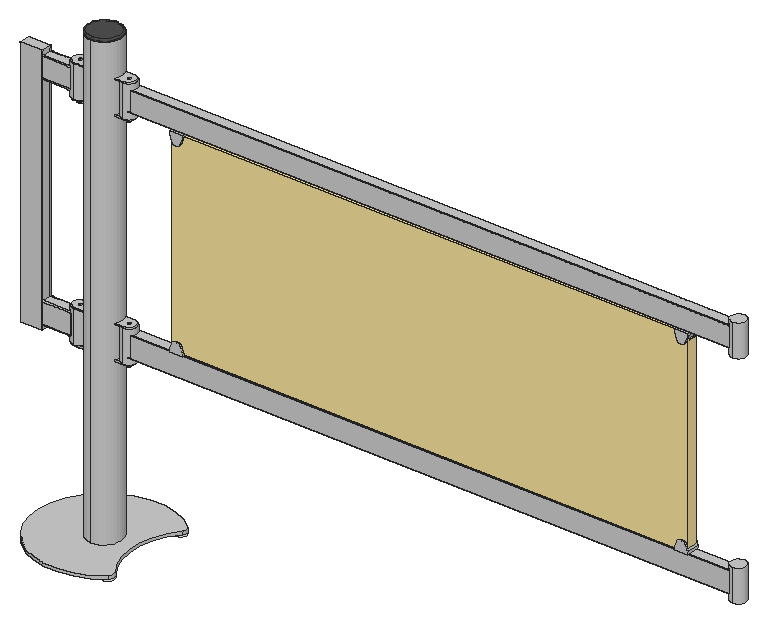
Revit family "PQR-541-APNLAD", category Furniture, Revit 2021
Family settings
  OmniClass Number = 23.40.20.00
  OmniClass Title = General Furniture and Specialties
  Work Plane-Based = No
  Always vertical = Yes
  Cut with Voids When Loaded = No
  Shared = No
  Room Calculation Point = No
Parameters
  W = 5' - 0"
  Frame [instance] = CEN_Frame_Metallic Silver Powdercoat (MS)
  Panel [instance] = Render Material 255-223-127
  Model = "PQR-541-APNLAD"
  End pieces on/off [instance] = yes
  Default Elevation = 0' - 0"
Reference planes (in)
  plane 1 "Center Front/Back": y = 0
  plane 2: z = 0
  plane 3 "Center Left/Right": x = 0
  plane 4: x = -30
  plane 5: x = 30
  plane 6: x = -23.5
  plane 7: x = 23.5
  plane 8: x = -27.5
  plane 9: x = 27.5
Forms (in)
  Extrusion 1, solid, material "CEN_Frame_Metallic Silver Powdercoat (MS)" <- "Frame"
    sketch origin (-23.29168, 0.50272, 36.0271) x (0, -1, 0) y (0, 0, 1)
      loop
        line (1, 0) -> (1, 1.78554)
        arc (1, 1.78554) -> (0.98091, 1.83163) -> (0.93482, 1.85072) r 0.06518
        line (0.93482, 1.85072) -> (0.06518, 1.85072)
        arc (0.06518, 1.85072) -> (0.01909, 1.83163) -> (0, 1.78554) r 0.06518
        line (0, 1.78554) -> (0, 0)
        arc (0, 0) -> (0.01909, -0.04609) -> (0.06518, -0.06518) r 0.06518
        line (0.06518, -0.06518) -> (0.93482, -0.06518)
        arc (0.93482, -0.06518) -> (0.98091, -0.04609) -> (1, 0) r 0.06518
      loop
        line (1, -20.08373) -> (1, -18.21446)
        arc (1, -18.21446) -> (0.98091, -18.16837) -> (0.93482, -18.14928) r 0.06518
        line (0.93482, -18.14928) -> (0.06518, -18.14928)
        arc (0.06518, -18.14928) -> (0.01909, -18.16837) -> (0, -18.21446) r 0.06518
        line (0, -18.21446) -> (0, -20.08373)
        arc (0, -20.08373) -> (0.01909, -20.12982) -> (0.06518, -20.14891) r 0.06518
        line (0.06518, -20.14891) -> (0.93482, -20.14891)
        arc (0.93482, -20.14891) -> (0.98091, -20.12982) -> (1, -20.08373) r 0.06518
    from 4.20832 to -50.79168
  Extrusion 2, solid, material "Render Material 255-223-127" <- "Panel"
    sketch origin (0, 0, 0) x (0, 1, 0) y (0, 0, 1)
      loop
        line (0.5, 17.96904) -> (0.5, 35.78154) -> (0.4375, 35.78154) -> (-0.4375, 35.78154) -> (-0.5, 35.78154) -> (-0.5, 17.96904) -> (-0.4375, 17.96904) -> (0.4375, 17.96904) -> (0.5, 17.96904)
    from -23.5 to 23.5
  Extrusion 3, solid, material "CEN_Frame_Metallic Silver Powdercoat (MS)" <- "Frame"
    sketch origin (0, 0, 0) x (1, 0, 0) y (0, 0, 1)
      loop
        line (-22.4145, 35.87529) -> (-23.5855, 35.87529) -> (-23.5855, 35.65654) -> (-23.41169, 35.17323)
        arc (-23.41169, 35.17323) -> (-23, 34.88379) -> (-22.58831, 35.17323) r 0.4375
        line (-22.58831, 35.17323) -> (-22.4145, 35.65654) -> (-22.4145, 35.87529)
    from -0.61497 to 0.61159
  Extrusion 4, solid, material "CEN_Frame_Metallic Silver Powdercoat (MS)" <- "Frame"
    sketch origin (0, 0, 0) x (-1, 0, 0) y (0, 0, -1)
      loop
        line (-22.4145, -35.87529) -> (-22.4145, -35.65654) -> (-22.58831, -35.17323)
        arc (-22.58831, -35.17323) -> (-23, -34.88379) -> (-23.41169, -35.17323) r 0.4375
        line (-23.41169, -35.17323) -> (-23.5855, -35.65654) -> (-23.5855, -35.87529) -> (-22.4145, -35.87529)
    from -0.61497 to 0.61159
  Extrusion 5, solid, material "CEN_Frame_Metallic Silver Powdercoat (MS)" <- "Frame"
    sketch origin (0, 0, 53.75058) x (1, 0, 0) y (0, 0, 1)
      loop
        line (-22.4145, -35.87529) -> (-22.4145, -35.65654) -> (-22.58831, -35.17323)
        arc (-22.58831, -35.17323) -> (-23, -34.88379) -> (-23.41169, -35.17323) r 0.4375
        line (-23.41169, -35.17323) -> (-23.5855, -35.65654) -> (-23.5855, -35.87529) -> (-22.4145, -35.87529)
    from -0.61497 to 0.61159
  Extrusion 6, solid, material "CEN_Frame_Metallic Silver Powdercoat (MS)" <- "Frame"
    sketch origin (0, 0, 53.75058) x (-1, 0, 0) y (0, 0, -1)
      loop
        line (-22.4145, 35.87529) -> (-23.5855, 35.87529) -> (-23.5855, 35.65654) -> (-23.41169, 35.17323)
        arc (-23.41169, 35.17323) -> (-23, 34.88379) -> (-22.58831, 35.17323) r 0.4375
        line (-22.58831, 35.17323) -> (-22.4145, 35.65654) -> (-22.4145, 35.87529)
    from -0.61497 to 0.61159
  Extrusion 7, solid, material "CEN_Frame_Metallic Silver Powdercoat (MS)" <- "Frame"
    sketch origin (0, 0, 0) x (1, 0, 0) y (0, 1, 0)
      loop
        circle (27.76551, 0.00169) r 0.6875
    from 35.46343 to 38.31958
  Extrusion 8, solid, material "CEN_Frame_Metallic Silver Powdercoat (MS)" <- "Frame"
    sketch origin (0, 0, 0) x (1, 0, 0) y (0, 1, 0)
      loop
        circle (27.76551, 0.00169) r 0.6875
    from 15.46082 to 18.31697
Dimensions and locks (in)
  equal spacing: plane 4, plane 3 "Center Left/Right", plane 5
  "W": plane 4 to plane 5
  locked: plane 7 to plane 5 at 6.5
  locked: plane 6 to plane 4 at 6.5
  locked: plane 4 to plane 8 at 2.5
  locked: plane 5 to plane 9 at 2.5
  aligned and locked: level to plane 2
  aligned and locked: plane 4 to nested 1
  aligned and locked: Extrusion 2 to plane 6
  aligned and locked: Extrusion 2 to plane 7
  aligned and locked: plane 9 to Extrusion 1
  aligned and locked: Extrusion 1 to plane 8
Automatic sketch dimensions
  Extrusion 1 sketch curve to Extrusion 1 sketch curve = 0' - 0.06518"  (x6)
  plane 1 "Center Front/Back" to Extrusion 2 sketch curve = 0' - 0 1/2"
  Extrusion 2 sketch curve to Extrusion 2 sketch curve = 0' - 0 1/16"  (x3)
  Extrusion 2 sketch curve to plane 1 "Center Front/Back" = 0' - 0 7/16"  (x2)
  level to Extrusion 2 sketch curve = 1' - 5.96904"
  Extrusion 2 sketch curve to Extrusion 2 sketch curve = 1' - 5 13/16"
  Extrusion 1 sketch curve to plane 1 "Center Front/Back" = 0' - 0.50272"  (x2)
  plane 1 "Center Front/Back" to Extrusion 1 sketch curve = 0' - 0.43209"  (x4)
  level to Extrusion 1 sketch curve = 1' - 3.87818"
  Extrusion 1 sketch curve to Extrusion 1 sketch curve = 0' - 1.86927"
  Extrusion 1 sketch curve to Extrusion 1 sketch curve = 1' - 6.08409"
  Extrusion 1 sketch curve to Extrusion 1 sketch curve = 0' - 1.78554"
  Extrusion 3 sketch curve to plane 6 = 0' - 0.0855"
  plane 6 to Extrusion 3 sketch curve = 0' - 0.08831"
  Extrusion 3 sketch curve to Extrusion 3 sketch curve = 0' - 0.41169"  (x2)
  Extrusion 3 sketch curve to Extrusion 3 sketch curve = 0' - 0.17381"
  level to Extrusion 3 sketch curve = 2' - 11.17323"
  Extrusion 3 sketch curve to Extrusion 3 sketch curve = 0' - 0.14806"
  Extrusion 3 sketch curve to Extrusion 3 sketch curve = 0' - 0.48331"  (x2)
  Extrusion 3 sketch curve to Extrusion 3 sketch curve = 0' - 0 7/32"
  Extrusion 4 sketch curve to plane 7 = 0' - 0.0855"
  plane 7 to Extrusion 4 sketch curve = 0' - 0.08831"
  Extrusion 4 sketch curve to Extrusion 4 sketch curve = 0' - 0.41169"  (x2)
  Extrusion 4 sketch curve to Extrusion 4 sketch curve = 0' - 0.17381"
  level to Extrusion 4 sketch curve = 2' - 11.87529"
  Extrusion 4 sketch curve to Extrusion 4 sketch curve = 0' - 0 7/32"  (x2)
  Extrusion 4 sketch curve to Extrusion 4 sketch curve = 0' - 0.33525"
  Extrusion 4 sketch curve to Extrusion 4 sketch curve = 0' - 0.14806"
  Extrusion 5 sketch curve to plane 6 = 0' - 0.0855"
  plane 6 to Extrusion 5 sketch curve = 0' - 0.08831"
  Extrusion 5 sketch curve to Extrusion 5 sketch curve = 0' - 0.41169"  (x2)
  Extrusion 5 sketch curve to Extrusion 5 sketch curve = 0' - 0.17381"
  level to Extrusion 5 sketch curve = 1' - 5.87529"
  Extrusion 5 sketch curve to Extrusion 5 sketch curve = 0' - 0 7/32"  (x2)
  Extrusion 5 sketch curve to Extrusion 5 sketch curve = 0' - 0.33525"
  Extrusion 5 sketch curve to Extrusion 5 sketch curve = 0' - 0.14806"
  Extrusion 6 sketch curve to plane 7 = 0' - 0.0855"
  plane 7 to Extrusion 6 sketch curve = 0' - 0.08831"
  Extrusion 6 sketch curve to Extrusion 6 sketch curve = 0' - 0.41169"  (x2)
  Extrusion 6 sketch curve to Extrusion 6 sketch curve = 0' - 0.17381"
  level to Extrusion 6 sketch curve = 1' - 6.57735"
  Extrusion 6 sketch curve to Extrusion 6 sketch curve = 0' - 0.14806"
  Extrusion 6 sketch curve to Extrusion 6 sketch curve = 0' - 0.48331"  (x2)
  Extrusion 6 sketch curve to Extrusion 6 sketch curve = 0' - 0 7/32"
  Extrusion 7 sketch curve to Extrusion 7 sketch curve = 0' - 0"  (x2)
  Extrusion 7 sketch curve to plane 1 "Center Front/Back" = 0' - 0.00169"
  Extrusion 7 sketch curve to plane 9 = 0' - 0.26551"
  plane 1 "Center Front/Back" to Extrusion 7 sketch curve = 0' - 0.68581"
  Extrusion 8 sketch curve to Extrusion 8 sketch curve = 0' - 0"  (x2)
  Extrusion 8 sketch curve to plane 1 "Center Front/Back" = 0' - 0.00169"
  Extrusion 8 sketch curve to plane 9 = 0' - 0.26551"
  plane 1 "Center Front/Back" to Extrusion 8 sketch curve = 0' - 0.68581"
Nested families (in)
  nested 1: "PQR-341-post " at (-30, 0, 0) x (0, 1, 0) z (0, 0, 1), END KIT <- "End pieces on/off", type "PQR-341-post "
Definition of nested family "PQR-341-post "
  Parameters (values of type "PQR-341-post ")
    plastic button = none
    Post = none
    END KIT [instance] = no
    Default Elevation = 0' - 0"
  Types (2): name
    PQR-341-post
    NOT END KIT
  Reference planes (in)
    plane 1 "Center Front/Back": y = 0
    plane 2: z = 0
    plane 3 "Center Left/Right": x = 0
    plane 4: z = 41.62154
    plane 5: z = 41.43404
    plane 6: z = 38.43918
    plane 7: z = 35.46343
    plane 8: z = 38.31958
    plane 9: z = 35.34626
    plane 10: z = 35.0779
    plane 11: z = 34.93741
    plane 12: z = 18.43657
    plane 13: z = 18.31697
    plane 14: z = 38.28685
    plane 15: z = 15.46357
    plane 16: z = 37.79482
    plane 17: z = 17.87782
    plane 18: z = 15.87818
  Forms (in)
    Extrusion 1, solid, material <- "Post"
      sketch origin (-0.02853, -0.08679, 0) x (1, 0, 0) y (0, 1, 0)
        loop
          arc (-3.79412, 4.14027) -> (-4.14981, 4.24664) -> (-4.48079, 4.07846) r 0.5
          arc (-4.48079, 4.07846) -> (0.03357, -5.88186) -> (4.53637, 4.0837) r 6.00161
          arc (4.53637, 4.0837) -> (4.20519, 4.25149) -> (3.84963, 4.14471) r 0.5
          arc (3.84963, 4.14471) -> (0.02853, 2.80874) -> (-3.79412, 4.14027) r 6.14269
      from 0.18657 to 0.43657
    Extrusion 2, solid, material <- "plastic button"
      sketch origin (0, 0, 0) x (1, 0, 0) y (0, 1, 0)
        loop
          circle (0, 0) r 1.5
      from 41.43404 to 41.62154
    Extrusion 3, solid, material <- "Post", visible <- "END KIT"
      sketch origin (0, 0, 0) x (1, 0, 0) y (0, 1, 0)
        loop
          circle (0.00169, -2.23449) r 0.6875
      from 35.46343 to 38.31958
    Extrusion 4, solid, material <- "Post"
      sketch origin (0, 0, 0) x (1, 0, 0) y (0, 1, 0)
        loop
          circle (0.00169, 2.23449) r 0.11265
        loop
          circle (0.00169, -2.23449) r 0.11265
        loop
          line (0.61497, -2.23449) -> (0.61497, 2.23449)
          arc (0.61497, 2.23449) -> (0.00169, 2.84777) -> (-0.61159, 2.23449) r 0.61328
          line (-0.61159, 2.23449) -> (-0.61159, -2.23449)
          arc (-0.61159, -2.23449) -> (0.00169, -2.84777) -> (0.61497, -2.23449) r 0.61328
      from 38.31958 to 38.43918
    Extrusion 5, solid, material <- "Post"
      sketch origin (0, 0, 0) x (1, 0, 0) y (0, 1, 0)
        loop
          circle (0.00169, 2.23449) r 0.11265
        loop
          circle (0.00169, -2.23449) r 0.11265
        loop
          line (0.61497, -2.23449) -> (0.61497, 2.23449)
          arc (0.61497, 2.23449) -> (0.00169, 2.84777) -> (-0.61159, 2.23449) r 0.61328
          line (-0.61159, 2.23449) -> (-0.61159, -2.23449)
          arc (-0.61159, -2.23449) -> (0.00169, -2.84777) -> (0.61497, -2.23449) r 0.61328
      from 35.34626 to 35.46343
    Extrusion 6, solid, material <- "Post"
      sketch origin (0, 0, 0) x (1, 0, 0) y (0, 1, 0)
        loop
          line (0.06349, 1.95369) -> (0.27562, 2.14947) -> (0.21213, 2.43108) -> (-0.06349, 2.5169) -> (-0.27562, 2.32111) -> (-0.21213, 2.0395) -> (0.06349, 1.95369)
        loop
          circle (0.00169, 2.23449) r 0.11265
      from 35.0779 to 35.34626
    Extrusion 7, solid, material <- "Post", visible <- "END KIT"
      sketch origin (0, 0, 0) x (1, 0, 0) y (0, 1, 0)
        loop
          circle (0.00169, -2.23449) r 0.11265
      from 34.93741 to 38.43918
    Sweep 8, void
      path in 3D
        loop
          arc (1.5, 0, 41.62154) -> (0, -1.5, 41.62154) -> (-1.5, 0, 41.62154) r 1.5
          arc (-1.5, 0, 41.62154) -> (0, 1.5, 41.62154) -> (1.5, 0, 41.62154) r 1.5
      profile origin (0, 1.5, 41.62154) x (0, 1, 0) y (0, 0, 1)
        loop
          line (0, -0.12486) -> (0.05983, -0.12486) -> (0.05983, 0) -> (-0.12486, 0)
          arc (-0.12486, 0) -> (-0.03657, -0.03657) -> (0, -0.12486) r 0.12486
    Extrusion 9, solid, material <- "Post"
      sketch origin (0, 0, 0) x (1, 0, 0) y (0, 1, 0)
        loop
          circle (0.00169, 2.23449) r 0.11265
      from 34.93741 to 38.43918
    Extrusion 10, solid, material <- "Post"
      sketch origin (0, 0, -20) x (1, 0, 0) y (0, 1, 0)
        loop
          circle (0.00169, 2.23449) r 0.11265
        loop
          circle (0.00169, -2.23449) r 0.11265
        loop
          line (0.61497, -2.23449) -> (0.61497, 2.23449)
          arc (0.61497, 2.23449) -> (0.00169, 2.84777) -> (-0.61159, 2.23449) r 0.61328
          line (-0.61159, 2.23449) -> (-0.61159, -2.23449)
          arc (-0.61159, -2.23449) -> (0.00169, -2.84777) -> (0.61497, -2.23449) r 0.61328
      from 38.31697 to 38.43657
    Extrusion 11, solid, material <- "Post"
      sketch origin (0, 0, -20) x (1, 0, 0) y (0, 1, 0)
        loop
          circle (0.00169, 2.23449) r 0.11265
        loop
          circle (0.00169, -2.23449) r 0.11265
        loop
          line (0.61497, -2.23449) -> (0.61497, 2.23449)
          arc (0.61497, 2.23449) -> (0.00169, 2.84777) -> (-0.61159, 2.23449) r 0.61328
          line (-0.61159, 2.23449) -> (-0.61159, -2.23449)
          arc (-0.61159, -2.23449) -> (0.00169, -2.84777) -> (0.61497, -2.23449) r 0.61328
      from 35.34365 to 35.46082
    Extrusion 12, solid, material <- "Post", visible <- "END KIT"
      sketch origin (0, 0, -20) x (1, 0, 0) y (0, 1, 0)
        loop
          circle (0.00169, -2.23449) r 0.11265
      from 34.9348 to 38.43657
    Extrusion 13, solid, material <- "Post"
      sketch origin (0, 0, -20) x (1, 0, 0) y (0, 1, 0)
        loop
          circle (0.00169, 2.23449) r 0.11265
      from 34.9348 to 38.43657
    Extrusion 14, solid
      sketch origin (-0.02853, -0.08679, 0) x (1, 0, 0) y (0, 1, 0)
        loop
          circle (-4.10805, 3.76384) r 0.48854
        loop
          circle (4.16511, 3.76384) r 0.48854
        loop
          circle (-3.62282, -3.98401) r 0.48854
        loop
          circle (3.67988, -3.98401) r 0.48854
      from 0 to 0.18657
    Extrusion 15, solid, material <- "Post"
      sketch origin (0, 0, 0) x (1, 0, 0) y (0, 1, 0)
        loop
          circle (0, 0) r 1.5
      from 0.43657 to 41.43404
    Extrusion 16, solid, material <- "Post", visible <- "END KIT"
      sketch origin (0, 0, 0) x (1, 0, 0) y (0, 1, 0)
        loop
          line (0.44955, -5.29168) -> (-0.44411, -5.29168)
          arc (-0.44411, -5.29168) -> (-0.4817, -5.30725) -> (-0.49728, -5.34485) r 0.05317
          line (-0.49728, -5.34485) -> (-0.49728, -7.23851)
          arc (-0.49728, -7.23851) -> (-0.4817, -7.27611) -> (-0.44411, -7.29168) r 0.05317
          line (-0.44411, -7.29168) -> (0.44955, -7.29168)
          arc (0.44955, -7.29168) -> (0.48715, -7.27611) -> (0.50272, -7.23851) r 0.05317
          line (0.50272, -7.23851) -> (0.50272, -5.34485)
          arc (0.50272, -5.34485) -> (0.48715, -5.30725) -> (0.44955, -5.29168) r 0.05317
      from 15.46357 to 38.28685
    Extrusion 17, solid, material <- "Post", visible <- "END KIT"
      sketch origin (0, 0, 0) x (1, 0, 0) y (0, 0, 1)
        loop
          line (-0.43209, 35.96191) -> (0.43754, 35.96191)
          arc (0.43754, 35.96191) -> (0.48363, 35.981) -> (0.50272, 36.0271) r 0.06518
          line (0.50272, 36.0271) -> (0.50272, 37.81264)
          arc (0.50272, 37.81264) -> (0.48363, 37.85873) -> (0.43754, 37.87782) r 0.06518
          line (0.43754, 37.87782) -> (-0.43209, 37.87782)
          arc (-0.43209, 37.87782) -> (-0.47818, 37.85873) -> (-0.49728, 37.81264) r 0.06518
          line (-0.49728, 37.81264) -> (-0.49728, 36.0271)
          arc (-0.49728, 36.0271) -> (-0.47818, 35.981) -> (-0.43209, 35.96191) r 0.06518
        loop
          line (-0.43209, 15.87818) -> (0.43754, 15.87818)
          arc (0.43754, 15.87818) -> (0.48363, 15.89727) -> (0.50272, 15.94336) r 0.06518
          line (0.50272, 15.94336) -> (0.50272, 17.81264)
          arc (0.50272, 17.81264) -> (0.48363, 17.85873) -> (0.43754, 17.87782) r 0.06518
          line (0.43754, 17.87782) -> (-0.43209, 17.87782)
          arc (-0.43209, 17.87782) -> (-0.47818, 17.85873) -> (-0.49728, 17.81264) r 0.06518
          line (-0.49728, 17.81264) -> (-0.49728, 15.94336)
          arc (-0.49728, 15.94336) -> (-0.47818, 15.89727) -> (-0.43209, 15.87818) r 0.06518
      from 2.63684 to 5.29168
    Extrusion 18, solid, material <- "Post"
      sketch origin (0, 0, 0) x (1, 0, 0) y (0, 1, 0)
        loop
          circle (0.00169, 2.23449) r 0.6875
      from 35.46343 to 38.31958
    Extrusion 19, solid, material <- "Post"
      sketch origin (0, 0, -20) x (1, 0, 0) y (0, 1, 0)
        loop
          circle (0.00169, 2.23449) r 0.6875
      from 35.46082 to 38.31697
    Extrusion 20, solid, material <- "Post", visible <- "END KIT"
      sketch origin (0, 0, -20) x (1, 0, 0) y (0, 1, 0)
        loop
          circle (0.00169, -2.23449) r 0.6875
      from 35.46082 to 38.31697
    Extrusion 21, solid, material <- "Post", visible <- "END KIT"
      sketch origin (0, 0, 0) x (1, 0, 0) y (0, 1, 0)
        loop
          line (0.06349, -1.95369) -> (-0.21213, -2.0395) -> (-0.27562, -2.32111) -> (-0.06349, -2.5169) -> (0.21213, -2.43108) -> (0.27562, -2.14947) -> (0.06349, -1.95369)
        loop
          circle (0.00169, -2.23449) r 0.11265
      from 35.0779 to 35.34626
    Extrusion 22, solid, material <- "Post"
      sketch origin (0, 0, -20.00261) x (1, 0, 0) y (0, 1, 0)
        loop
          line (0.06349, 1.95369) -> (0.27562, 2.14947) -> (0.21213, 2.43108) -> (-0.06349, 2.5169) -> (-0.27562, 2.32111) -> (-0.21213, 2.0395) -> (0.06349, 1.95369)
        loop
          circle (0.00169, 2.23449) r 0.11265
      from 35.0779 to 35.34626
    Extrusion 23, solid, material <- "Post", visible <- "END KIT"
      sketch origin (0, 0, -20.00261) x (1, 0, 0) y (0, 1, 0)
        loop
          line (0.06349, -1.95369) -> (-0.21213, -2.0395) -> (-0.27562, -2.32111) -> (-0.06349, -2.5169) -> (0.21213, -2.43108) -> (0.27562, -2.14947) -> (0.06349, -1.95369)
        loop
          circle (0.00169, -2.23449) r 0.11265
      from 35.0779 to 35.34626
  Cuts and joins
    Sweep 8 cuts Extrusion 2
    joined: Extrusion 3, Extrusion 17
  Lines and regions (in)
    sketch lines
      curve 1: arc (-1.5, 0, 41.62154) -> (0, 1.5, 41.62154) -> (1.5, 0, 41.62154) r 1.5
      curve 2: arc (1.5, 0, 41.62154) -> (0, -1.5, 41.62154) -> (-1.5, 0, 41.62154) r 1.5
  Dimensions and locks (in)
    plane 4 to level = 3' - 5.62154"
    locked: plane 4 to plane 5 at 0.1875
    plane 11 to plane 10 to plane 9 to plane 7 to plane 8 to plane 6 = 0' - 0.14049" locked, 0' - 0.26836" locked, 0' - 0 15/128" locked, 0' - 2.85615" locked, 0' - 0.1196" locked
    locked: plane 7 to plane 4 at 6.15811
    locked: plane 14 to plane 15 at 22.82328
    locked: plane 14 to plane 6 at 0.15234
    aligned and locked: level to plane 2
    aligned and locked: plane 4 to Extrusion 2
    aligned and locked: Extrusion 14 to level
    aligned and locked: plane 5 to cut or joined group of Extrusion 2, Sweep 8
    aligned and locked: Extrusion 15 to plane 5
    aligned and locked: plane 5 to Extrusion 15
    aligned and locked: plane 6 to Extrusion 4
    aligned and locked: plane 7 to Extrusion 3  (x2)
    aligned and locked: plane 8 to Extrusion 3
    aligned and locked: plane 11 to Extrusion 7  (x2)
    aligned and locked: plane 11 to Extrusion 9
    aligned and locked: plane 10 to Extrusion 6
    aligned and locked: Extrusion 6 to plane 10
    aligned and locked: plane 9 to Extrusion 5
    aligned and locked: Extrusion 6 to plane 9
    aligned and locked: Extrusion 5 to plane 9  (x2)
    aligned and locked: Extrusion 5 to plane 7
    aligned and locked: plane 7 to Extrusion 5
    aligned and locked: plane 8 to Extrusion 4
    aligned and locked: Extrusion 4 to Extrusion 9
    aligned and locked: Extrusion 7 to plane 6
    aligned and locked: plane 12 to Extrusion 10
    aligned and locked: plane 14 to Extrusion 16
    aligned and locked: plane 15 to Extrusion 16
